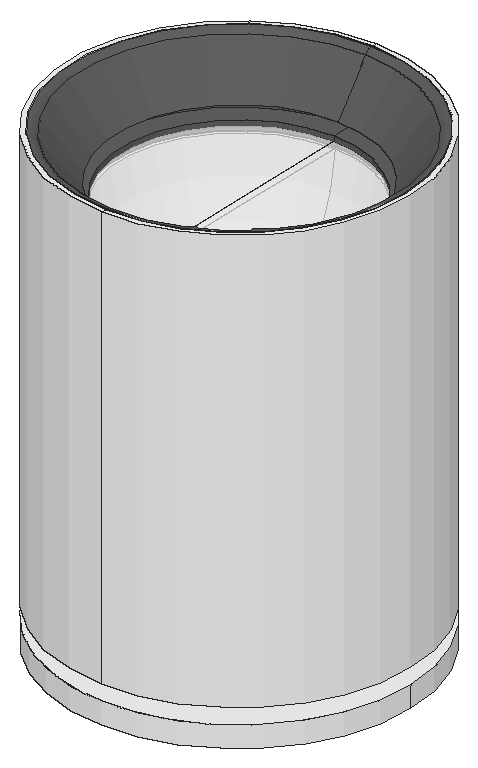
Revit family "Zaniboni-Bongo-3_Inch_Fixed_Surface_Mounted-1", category Lighting Fixtures, host Face, Revit 2016
Family settings
  Host = Face
  Part Type = Normal
  Round Connector Dimension = Use Diameter
  Cut with Voids When Loaded = No
  Light Source = Yes
  Shared = No
  Room Calculation Point = No
Parameters (values of type "S3-BON40-1830A-3C-WS-Remote")
  Wattage Comments = "9W"
  Wattage = 9.2903 W
  built-in parameter 1150110 = 1 (stored number, unit not read)
  Voltage = 120 V
  URL = "www.zanibonilighting.com"
  Type Comments = "Bongo"  # constant formula
  built-in parameter 1114217 = 1 (stored number, unit not read)
  Tilt Angle = 90.00°
  built-in parameter 1150109 = 1 (stored number, unit not read)
  built-in parameter 1150134 = 3
  built-in parameter 1150113 = 1 (stored number, unit not read)
  Support Finish = ZBN - Metal Matte White
  Screen Finish = ZBN - Glass
  Integrated = Height = 6 31/32"  # no
  Photometric Web File = "generic"
  built-in parameter 1150142 = (empty or 0)
  Model = "S3-BON40-1830A-3C-WS-Remote"
  Mechanism Finish = ZBN - Metal Matte Black
  Manufacturer = "Zaniboni"  # constant formula
  built-in parameter 1150105 = 109.82 (stored number, unit not read)
  Lumens = 1380 lm
  built-in parameter 1150115 = 1 (stored number, unit not read)
  built-in parameter 1150137 = (empty or 0)
  built-in parameter 1150139 = (empty or 0)
  built-in parameter 1150112 = 1 (stored number, unit not read)
  built-in parameter 1150114 = 1 (stored number, unit not read)
  Keynote = "12500"
  Kelvin = "2700K"
  built-in parameter 1150132 = (empty or 0)
  built-in parameter 1150102 = (empty or 0)
  built-in parameter 1150107 = 3200 (stored number, unit not read)
  built-in parameter 1150138 = (empty or 0)
  built-in parameter 1150106 = 1.0982 (stored number, unit not read)
  Height L = if(Height = 6 31/32", 6 1/2", 4 3/4")  # 4 3/4"
  Height = 5 7/64"
  Front Finish = ZBN - Metal Matte Black
  Emit from Circle Diameter = 24"
  Emit Shape Visible in Rendering = no
  built-in parameter 1150104 = 13.8 (stored number, unit not read)
  Dimming Lamp Color Temperature Shift = <None>
  Diffuser Finish = ZBN - Metal Matte White
  Description = "3 Inch light source Round Fixed Surface Mounted"
  Diameter = 4"
  Default Elevation = 48"
  Integrated Finish = ZBN - Metal Matte White
  Color Filter = 16777215
  CRI = "80"
  Body Finish = ZBN - Metal Matte White
  Beam = "24°"
  Base Finish = ZBN - Metal Matte White
  built-in parameter 1114218 = 1 (stored number, unit not read)
  built-in parameter 1150133 = 10 (stored number, unit not read)
  Assembly Code = "E1020300"
Types (3): name | Integrated | Model | Height L | Height | Description
  (no name) | no | "S3-BON40-1830A-3C-WS-Remote" | 4 3/4" | 5 7/64" | "3 Inch light source Round Fixed Surface Mounted"
  S3-BON40-1830A-3C-WS-Remote | no | "S3-BON40-1830A-3C-WS-Remote" | 4 3/4" | 5 7/64" | "3 Inch light source Round Fixed Surface Mounted"
  S3-BON40-1830A-3C-WS-Integrated | yes | "S3-BON40-1830A-3C-WS-Integrated" | 6 1/2" | 6 31/32" | "2 Inch light source Round Fixed Surface Mounted Integrated"
Reference planes (in)
  plane 1 "Center (Front/Back)": y = 0
  plane 2: z = 0
  plane 3 "Center (Left/Right)": x = 0
  plane 4: x = -2
  plane 5: x = 2
  plane 6: y = 2
  plane 7: y = -2
  plane 8: z = 0.25
Forms (in)
  Extrusion 1, solid, material "ZBN - Metal Matte White" <- "Base Finish"
    sketch origin (0, 0, 0) x (1, 0, 0) y (0, 1, 0)
      loop
        circle (0, 0) r 2
    from 0 to 0.25
Lines and regions (in)
  symbolic lines
    curve 1: arc (2, 0, 0) -> (0, 2, 0) -> (-2, 0, 0) r 2
    curve 2: arc (-2, 0, 0) -> (0, -2, 0) -> (2, 0, 0) r 2
Dimensions and locks (in)
  equal spacing: plane 4, plane 3 "Center (Left/Right)", plane 5
  "Diameter": plane 4 to plane 5
  equal spacing: plane 6, plane 1 "Center (Front/Back)", plane 7
  "Diameter": plane 6 to plane 7
  locked: plane 2 to plane 8 at 0.25
  "Height L": imposter light to plane 2
  "Height": plane 8 to nested 1
  aligned and locked: plane 2 to host face
  aligned and locked: level to host face
  aligned and locked: Extrusion 1 to plane 2
  aligned and locked: Extrusion 1 to plane 8
  aligned and locked: curve 1 to Extrusion 1
  aligned and locked: curve 2 to Extrusion 1
  aligned and locked: imposter light to plane 1 "Center (Front/Back)"
  aligned and locked: plane 3 "Center (Left/Right)" to imposter light
  aligned and locked: plane 3 "Center (Left/Right)" to Extrusion 1 sketch curve
  aligned and locked: plane 1 "Center (Front/Back)" to Extrusion 1 sketch curve
  aligned and locked: plane 3 "Center (Left/Right)" to nested 1
  aligned and locked: plane 1 "Center (Front/Back)" to nested 1
Automatic sketch dimensions
  host sketch curve to host sketch curve = 11.23654"
  host sketch curve to host sketch curve = 12.1816"
  radius of Extrusion 1 sketch curve = 2"
Nested families (in)
  nested 1: "3" at (0, 0, -1.61579), Remote <- "Integrated", Body Finish <- "Body Finish", Diffuser Finish <- "Diffuser Finish", Front Finish <- "Front Finish", Mechanism Finish <- "Mechanism Finish", Remote Finish <- "Integrated Finish", Screen Finish <- "Screen Finish", type "3"
    with Screen Finish ZBN - Glass, Remote Finish ZBN - Metal Matte White, Remote no, Mechanism Finish ZBN - Metal Matte Black, Front Finish ZBN - Metal Matte Black, Diffuser Finish ZBN - Metal Matte White, Body Finish ZBN - Metal Matte White
Connectors (in)
  electrical at (0, 0, 0), driven by "Voltage"
    settings: on Extrusion 1, index 1, voltage 120 V, apparent load 0 VA, apparent load phase1 0 VA, apparent load phase2 0 VA, apparent load phase3 0 VA, power factor 1, load classification "Other", number of poles 1, system type 31, power factor state 1, is connector primary yes, connector utility no, sub classification motor no, connector description ""
Definition of nested family "3"
  Parameters (values of type "3")
    Screen Finish [instance] = none
    Remote Finish [instance] = none
    Remote [instance] = yes
    Mechanism Finish [instance] = none
    Front Finish [instance] = none
    Diffuser Finish [instance] = none
    Body Finish [instance] = none
  Reference planes (in)
    plane 1 "Center (Front/Back)": y = 0
    plane 2: z = 0
    plane 3 "Center (Left/Right)": x = 0
    plane 4: z = 0.15625
    plane 5: z = 6.97517
  Forms (in)
    Revolve 1, solid, material <- "Front Finish"
      sketch origin (0, 0, -0.44621) x (0, 1, 0) y (0, 0, 1)
        loop
          line (-1.43519, 6.85888) -> (-1.83918, 7.37336)
          arc (-1.83918, 7.37336) -> (-1.88266, 7.40856) -> (-1.93711, 7.42138) r 0.12556
          line (-1.93711, 7.42138) -> (-1.93711, 7.24813) -> (-1.84223, 7.24813) -> (-1.84223, 6.85888) -> (-1.77215, 6.85888) -> (-1.77215, 6.36037) -> (-1.52953, 6.08082) -> (-1.52953, 6.67138) -> (-1.37501, 6.67138) -> (-1.37501, 6.73388) -> (-1.61503, 6.73388) -> (-1.61503, 6.85888) -> (-1.43519, 6.85888)
        axis (0, 7.42138) -> (0, 6.08082)
      angle from 0 to 360
    Revolve 2, solid, material <- "Mechanism Finish"
      sketch origin (0, 0, -0.44621) x (0, 1, 0) y (0, 0, 1)
        loop
          line (0, 3.73437) -> (0, 4.52177) -> (-0.64872, 4.52177)
          arc (-0.64872, 4.52177) -> (-1.14515, 5.16871) -> (-1.37567, 5.9509) r 2.22903
          arc (-1.37567, 5.9509) -> (-1.40649, 6.24202) -> (-1.43893, 6.53296) r 52.28168
          line (-1.43893, 6.53296) -> (-1.49606, 6.53296) -> (-1.49606, 5.95322) -> (-1.42943, 4.11729)
          arc (-1.42943, 4.11729) -> (-1.30818, 3.84569) -> (-1.03236, 3.73437) r 0.39733
          line (-1.03236, 3.73437) -> (0, 3.73437)
        axis (0, 6.53296) -> (0, 3.73437)
      angle from 0 to 360
    Revolve 3, solid, material <- "Body Finish"
      sketch origin (0, 0, 0) x (0, 1, 0) y (0, 0, 1)
        loop
          line (-2, 6.97517) -> (-2, 2.04417) -> (0, 2.04417) -> (0, 2.10667) -> (-1.87494, 2.10667) -> (-1.87494, 6.80192) -> (-1.94603, 6.80192) -> (-1.94603, 6.97517) -> (-2, 6.97517)
        axis (0, 6.97517) -> (0, 2.04417)
      angle from 0 to 360
    Revolve 4, solid, material <- "Screen Finish"
      sketch origin (0, 0, 0.39743) x (0, 1, 0) y (0, 0, 1)
        loop
          line (0, 5.82774) -> (-1.42287, 5.82774) -> (-1.42287, 5.749) -> (0, 5.749) -> (0, 5.82774)
        axis (0, 5.82774) -> (0, 5.749)
      angle from 0 to 360
    Revolve 5, solid, material <- "Body Finish"
      sketch origin (0, 0, 0) x (0, 1, 0) y (0, 0, 1)
        loop
          line (-1.64061, 2.04417) -> (-1.64061, 1.87192) -> (0, 1.87192) -> (0, 2.04417) -> (-1.64061, 2.04417)
        axis (0, 2.04417) -> (0, 1.87192)
      angle from 0 to 360
    Revolve 6, solid, material <- "Remote Finish", visible <- "Remote"
      sketch origin (0, 0, 0) x (0, 1, 0) y (0, 0, 1)
        loop
          line (-2, 0.15625) -> (0, 0.15625) -> (0, 1.87192) -> (-2, 1.87192) -> (-2, 0.15625)
        axis (0, 1.87192) -> (0, 0.15625)
      angle from 0 to 360
    Revolve 7, solid, material <- "Diffuser Finish"
      sketch origin (0, 0, -0.44621) x (0, 1, 0) y (0, 0, 1)
        loop
          arc (-0.37934, 4.86638) -> (-1.08329, 5.6132) -> (-1.38987, 6.59264) r 2.28755
          line (-1.38987, 6.59264) -> (-1.42121, 6.59264)
          arc (-1.42121, 6.59264) -> (-1.10847, 5.59435) -> (-0.38878, 4.83513) r 2.3188
          line (-0.38878, 4.83513) -> (0, 4.83513) -> (0, 4.86638) -> (-0.37934, 4.86638)
        axis (0, 6.59264) -> (0, 4.83513)
      angle from 0 to 360
    Revolve 8, solid, material <- "Remote Finish", visible <- "Remote"
      sketch origin (0, 0, 0) x (0, 1, 0) y (0, 0, 1)
        loop
          line (0, 0.15625) -> (-1.62524, 0.15625) -> (-1.62524, 0) -> (0, 0) -> (0, 0.15625)
        axis (0, 0.15625) -> (0, 0)
      angle from 0 to 360
  Lines and regions (in)
    symbolic lines
      curve 1: circle (0, 0, 0) r 2 normal (0, 0, 1)
      curve 2: circle (0, 0, 0) r 1.94603 normal (0, 0, 1)
  Dimensions and locks (in)
    aligned and locked: plane 2 to level
